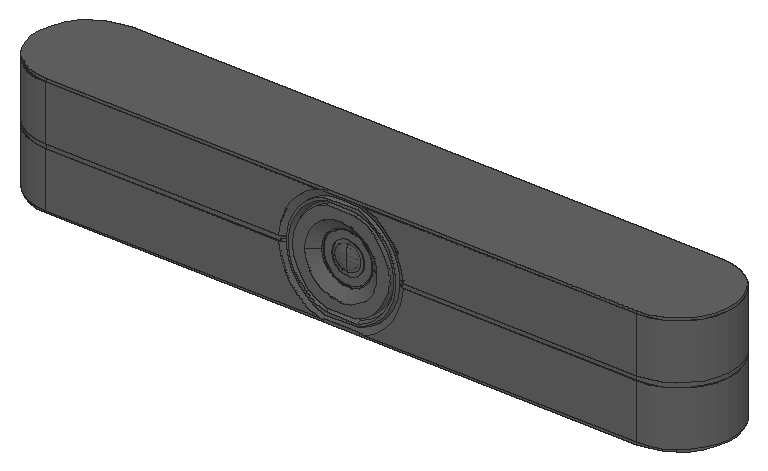
Revit family "Camera-Conference-Vaddio-Huddle_Shot", category Mechanical Equipment, Revit 2018
Family settings
  Round Connector Dimension = Use Diameter
  Classification = None
  Part Type = Normal
  OmniClass Number = 23.85.10.17.11
  OmniClass Title = Audio-Visual System Components
  Work Plane-Based = No
  Always vertical = Yes
  Cut with Voids When Loaded = No
  Shared = No
  Room Calculation Point = No
Parameters (values of type "Black, North America")
  Product Documentation Link = "https://res.cloudinary.com/avd/image/upload/v132204770/Resources/Vaddio/Cameras/Specifications/190246-DataSheet-HuddleSHOT.pdf"
  Part Number = Model  # "999-50707-000"
  Part Description = Description  # "Videoconferencing Camera with Integrated Audio"
  Has Wall Mount [instance] = no
  Unit Weight = 5.25 lbf
  URL = "https://www.legrandav.com/"
  Standards = "CE Approved, FCC Approved"
  Speaker Material = Plastic - Black - Vaddio
  Power Supply = "PoE+"
  Pixels = "2.12 Megapixel (2.42 Total MP)"
  Operating/Storage Humidity = "20% to 80% RH, non-condensing"
  Minimum Operating Temperature = 32 °F
  Maximum Operating Temperature = 104 °F
  Lens Casing Material = Plastic - Black - High Gloss - Vaddio
  Secondary Width = Overall Width - 13/256"  # 23 243/256"
  Secondary Depth = Overall Depth - 13/256"  # 3 83/128"
  Product Page URL = "https://www.legrandav.com/products/vaddio/cameras/fixed_cameras/huddleshot_all-in-one_conferencing_camera"
  Overall Width = 24"
  Overall Height = 4 31/256"
  Overall Depth = 3 179/256"
  Mount Thickness = 9/128"
  Model = "999-50707-000"
  Manufacturer = "Legrand"  # constant formula
  Huddle Shot Offset [instance] = if(Has Wall Mount, Mount Thickness, 0")  # 0"
  Field of View = "125° normal, 110° at full dewarp"
  Family Version = "1.0"  # constant formula
  Enclosure Material = Plastic - Black - Vaddio
  Edge Radius = Overall Depth / 2  # 1.84961"
  ENGworks URL = "https://ENGworks.com/"
  Description = "Videoconferencing Camera with Integrated Audio"
  Bracket Material = Plastic - Black - Vaddio
  Assembly Code = "D5030"
Types (7): name | Part Number | Speaker Material | Lens Casing Material | Model | Enclosure Material | Bracket Material
  (no name) | "999-50707-000" | Plastic - Black - Vaddio | Plastic - Black - High Gloss - Vaddio | "999-50707-000" | Plastic - Black - Vaddio | Plastic - Black - Vaddio
  Gray, North America | "999-50707-000G" | Plastic - Med Gray - Vaddio | Plastic - Dark Gray - Vaddio | "999-50707-000G" | Plastic - Gray - Vaddio | Plastic - Gray - Vaddio
  Black, North America | "999-50707-000" | Plastic - Black - Vaddio | Plastic - Black - High Gloss - Vaddio | "999-50707-000" | Plastic - Black - Vaddio | Plastic - Black - Vaddio
  Gray, Europe | "999-50707-001G" | Plastic - Med Gray - Vaddio | Plastic - Dark Gray - Vaddio | "999-50707-001G" | Plastic - Gray - Vaddio | Plastic - Gray - Vaddio
  Gray, Australia/New Zealand | "999-50707-009G" | Plastic - Med Gray - Vaddio | Plastic - Dark Gray - Vaddio | "999-50707-009G" | Plastic - Gray - Vaddio | Plastic - Gray - Vaddio
  Black, Europe | "999-50707-001" | Plastic - Black - Vaddio | Plastic - Black - High Gloss - Vaddio | "999-50707-001" | Plastic - Black - Vaddio | Plastic - Black - Vaddio
  Black, Australia/New Zealand | "999-50707-009" | Plastic - Black - Vaddio | Plastic - Black - High Gloss - Vaddio | "999-50707-009" | Plastic - Black - Vaddio | Plastic - Black - Vaddio
Reference planes (in)
  plane 1 "Center (Front/Back)": y = 0
  plane 2: z = 0
  plane 3 "Center (Left/Right)": x = 0
  plane 4: z = 4.12109
  plane 5: x = -12
  plane 6: x = 12
  plane 7: y = -3.69922
  plane 8: y = 0
  plane 9: y = -1.84961
  plane 10: z = 1.98
  plane 11: z = 0.084
  plane 12: z = 4.036
  plane 13: z = 2.14
  plane 14: z = 1.98
  plane 15: z = 0.084
  plane 16: y = -3.40522
  plane 17: y = -3.73047
  plane 18: z = 2.06055
  plane 19: z = 2.06055
  plane 20: z = 3.82409
  plane 21: z = 0.297
  plane 22: z = 2.06055
  plane 23: x = -1.847
  plane 24: x = 1.847
  plane 25: z = 3.78659
  plane 26: z = 3.86159
  plane 27: z = 3.67559
  plane 28: z = 3.97259
  plane 29: z = 3.82409
  plane 30: y = -3.19922
  plane 31: y = -3.40522
  plane 32: y = -3.40522
  plane 33: z = 3.63309
  plane 34: z = 0.488
  plane 35: x = -1.654
  plane 36: x = 1.654
  plane 37: z = 2.06055
  plane 38: z = 2.06055
  plane 39: z = 3.29855
  plane 40: y = -3.40522
  plane 41: y = -3.94922
  plane 42: z = 2.9123
  plane 43: y = -3.02686
  plane 44: z = 2.4123
  plane 45: y = -3.40522
  plane 46: z = 2.50555
  plane 47: y = -3.47872
  plane 48: y = -1.071
  plane 49: x = 4.763
  plane 50: x = 2.547
  plane 51: z = 4.036
  plane 52: x = 1.658
  plane 53: x = -3.592
  plane 54: x = -0.967
  plane 55: x = -3.967
  plane 56: x = 2.033
  plane 57: z = 3.87969
  plane 58: y = -3.97
  plane 59: z = -0.07031
  plane 60: z = 0.25
  plane 61: z = -0.25
  plane 62: y = -0.47
  plane 63: x = -3.402
  plane 64: x = 1.468
  plane 65: y = -3.97
  plane 66: x = -3.967
  plane 67: x = 2.033
  plane 68: y = 0.25
  plane 69: y = -0.25
  plane 70: z = 3.87969
  plane 71: z = 1.68969
  plane 72: z = -0.07031
  plane 73: z = 2.18969
  plane 74: z = 1.18969
  plane 75: x = -1.842
  plane 76: x = -0.092
  plane 77: x = -1.342
  plane 78: x = -0.592
  plane 79: y = -0.07031
  plane 80: x = -10.15039
  plane 81: x = 10.15039
  plane 82: x = -3.967
  plane 83: x = 2.033
  plane 84: y = -0.07031
  plane 85: y = 0.07031
Forms (in)
  Sweep 1, solid, material "Plastic - Black - Vaddio" <- "Enclosure Material"
    path origin (-51.56094, -1.84961, 17) x (-1, 0, 0) y (0, 0, 1)
      loop
        line (-51.56094, -14.86) -> (-51.56094, -15.02)
    profile "Profile-Vaddio_Huddle Shot : Profile-Vaddio_Huddle Secondary" origin (0, -1.84961, 2.06) x (-1, 0, 0) y (0, 1, 0)
      loop
        arc (-10.15039, 1.82422) -> (-11.97461, 0) -> (-10.15039, -1.82422) r 1.82422
        line (-10.15039, -1.82422) -> (10.15039, -1.82422)
        arc (10.15039, -1.82422) -> (11.97461, 0) -> (10.15039, 1.82422) r 1.82422
        line (10.15039, 1.82422) -> (-10.15039, 1.82422)
  Sweep 2, solid, material "Plastic - Black - Vaddio" <- "Speaker Material"
    path origin (-51.56094, -1.84961, 17) x (-1, 0, 0) y (0, 0, 1)
      loop
        line (-51.56094, -15.02) -> (-51.56094, -16.916)
    profile "Profile-Vaddio_Huddle Shot : Profile-Vaddio_Huddle Shot" origin (0, -1.84961, 1.032) x (-1, 0, 0) y (0, 1, 0)
      loop
        arc (-10.15039, 1.84961) -> (-12, 0) -> (-10.15039, -1.84961) r 1.84961
        line (-10.15039, -1.84961) -> (10.15039, -1.84961)
        arc (10.15039, -1.84961) -> (12, 0) -> (10.15039, 1.84961) r 1.84961
        line (10.15039, 1.84961) -> (-10.15039, 1.84961)
  Sweep 3, solid, material "Plastic - Black - Vaddio" <- "Speaker Material"
    path origin (-51.56094, -1.84961, 17) x (-1, 0, 0) y (0, 0, 1)
      loop
        line (-51.56094, -12.964) -> (-51.56094, -14.86)
    profile "Profile-Vaddio_Huddle Shot : Profile-Vaddio_Huddle Shot" origin (0, -1.84961, 3.088) x (-1, 0, 0) y (0, 1, 0)
      loop
        arc (-10.15039, 1.84961) -> (-12, 0) -> (-10.15039, -1.84961) r 1.84961
        line (-10.15039, -1.84961) -> (10.15039, -1.84961)
        arc (10.15039, -1.84961) -> (12, 0) -> (10.15039, 1.84961) r 1.84961
        line (10.15039, 1.84961) -> (-10.15039, 1.84961)
  SweptBlend 4, void
    path origin (0, 0, 0) x (1, 0, 0) y (0, 1, 0)
      loop
        line (0, -3.40522) -> (0, -3.73047)
    profile origin (0, -3.40522, 0) x (1, 0, 0) y (0, 0, 1)
      loop
        circle (0, 2.06055) r 1.469
    end profile origin (0, -3.73047, 0) x (1, 0, 0) y (0, 0, 1)
      loop
        circle (0, 2.06055) r 2.212
  Sweep 5, solid, material "Plastic - Black - High Gloss - Vaddio" <- "Lens Casing Material"
    path origin (0, 0, 0) x (1, 0, 0) y (0, 0, 1)
      loop
        arc (-0.54892, 3.82409) -> (-1.847, 2.06055) -> (-0.54892, 0.297) r 1.847
        line (-0.54892, 0.297) -> (0.54892, 0.297)
        arc (0.54892, 0.297) -> (1.847, 2.06055) -> (0.54892, 3.82409) r 1.847
        line (0.54892, 3.82409) -> (-0.54892, 3.82409)
    profile origin (0, 0, 3.82409) x (0, 0, 1) y (0, -1, 0)
      loop
        line (0.0375, 3.69922) -> (-0.0375, 3.69922) -> (-0.1485, 3.40522) -> (0.1485, 3.40522) -> (0.0375, 3.69922)
  Sweep 6, solid, material "Plastic - Black - High Gloss - Vaddio" <- "Lens Casing Material"
    path origin (0, 0, 0) x (1, 0, 0) y (0, 1, 0)
      loop
        line (0, -3.40522) -> (0, -3.69922)
    profile origin (0, -3.55222, 0) x (1, 0, 0) y (0, 0, 1)
      loop
        arc (-0.51265, 3.63309) -> (-1.654, 2.06055) -> (-0.51265, 0.488) r 1.654
        line (-0.51265, 0.488) -> (0.51265, 0.488)
        arc (0.51265, 0.488) -> (1.654, 2.06055) -> (0.51265, 3.63309) r 1.654
        line (0.51265, 3.63309) -> (-0.51265, 3.63309)
      loop
        circle (0, 2.06055) r 0.883
  Sweep 7, void
    path origin (0, 0, 0) x (1, 0, 0) y (0, 0, 1)
      loop
        circle (0, 2.06055) r 1.238
    profile origin (0, 0, 3.29855) x (0, 0, -1) y (0, -1, 0)
      loop
        line (0.88625, 3.02686) -> (0.88625, 3.94922) -> (0, 3.94922) -> (0, 3.69922) -> (0.38625, 3.40522) -> (0.38625, 3.02686) -> (0.88625, 3.02686)
  SweptBlend 8, solid, material "Plastic - Black - High Gloss - Vaddio" <- "Lens Casing Material"
    path origin (0, 0, 0) x (1, 0, 0) y (0, 1, 0)
      loop
        line (0, -3.02686) -> (0, -3.40522)
    profile origin (0, -3.02686, 0) x (1, 0, 0) y (0, 0, 1)
      loop
        circle (0, 2.06055) r 0.84
    end profile origin (0, -3.40522, 0) x (1, 0, 0) y (0, 0, 1)
      loop
        circle (0, 2.06055) r 0.83
  Sweep 9, void
    path origin (0, 0, 0) x (1, 0, 0) y (0, 1, 0)
      loop
        line (0, -3.02686) -> (0, -3.40522)
    profile origin (0, -3.21604, 0) x (1, 0, 0) y (0, 0, 1)
      loop
        circle (0, 2.06055) r 0.551
  Sweep 10, solid, material "Plastic - Black - Vaddio"
    path origin (0, 0, 0) x (1, 0, 0) y (0, 1, 0)
      loop
        line (0, -3.02686) -> (0, -3.40522)
    profile origin (0, -3.21604, 0) x (1, 0, 0) y (0, 0, 1)
      loop
        circle (0, 2.06055) r 0.551
      loop
        circle (0, 2.06055) r 0.445
  Revolve 11, solid, material "Glass"
    sketch origin (0, 0, 0) x (0, 1, 0) y (0, 0, 1)
      loop
        line (-3.47872, 2.06055) -> (-3.40522, 2.06055) -> (-3.40522, 2.50555)
        arc (-3.40522, 2.50555) -> (-3.46022, 2.28606) -> (-3.47872, 2.06055) r 1.38386
      axis (-3.47872, 2.06055) -> (-3.40522, 2.06055)
    angle from 0 to 360
  Sweep 12, solid, material "Plastic - Black - Vaddio" <- "Enclosure Material"
    path origin (-51.56094, -1.84961, 17) x (-1, 0, 0) y (0, 0, 1)
      loop
        line (-51.56094, -12.87891) -> (-51.56094, -12.964)
    profile "Profile-Vaddio_Huddle Shot : Profile-Vaddio_Huddle Secondary" origin (0, -1.84961, 4.07855) x (-1, 0, 0) y (0, 1, 0)
      loop
        arc (-10.15039, 1.82422) -> (-11.97461, 0) -> (-10.15039, -1.82422) r 1.82422
        line (-10.15039, -1.82422) -> (10.15039, -1.82422)
        arc (10.15039, -1.82422) -> (11.97461, 0) -> (10.15039, 1.82422) r 1.82422
        line (10.15039, 1.82422) -> (-10.15039, 1.82422)
  Sweep 13, solid, material "Plastic - Black - Vaddio" <- "Enclosure Material"
    path origin (-51.56094, -1.84961, 17) x (-1, 0, 0) y (0, 0, 1)
      loop
        line (-51.56094, -16.916) -> (-51.56094, -17)
    profile "Profile-Vaddio_Huddle Shot : Profile-Vaddio_Huddle Secondary" origin (0, -1.84961, 0.042) x (-1, 0, 0) y (0, 1, 0)
      loop
        arc (-10.15039, 1.82422) -> (-11.97461, 0) -> (-10.15039, -1.82422) r 1.82422
        line (-10.15039, -1.82422) -> (10.15039, -1.82422)
        arc (10.15039, -1.82422) -> (11.97461, 0) -> (10.15039, 1.82422) r 1.82422
        line (10.15039, 1.82422) -> (-10.15039, 1.82422)
  Sweep 14, void
    path origin (0, 0, 0) x (1, 0, 0) y (0, 1, 0)
      loop
        line (12, 0) -> (12, -1.071)
    profile origin (12, -0.5355, 0) x (1, 0, 0) y (0, 0, 1)
      loop
        line (-9.453, 4.036) -> (-9.453, 0) -> (-7.237, 0) -> (-7.237, 4.036) -> (-9.453, 4.036)
  Sweep 15, solid, material "Plastic - Black - Vaddio" <- "Bracket Material", visible <- "Has Wall Mount"
    path origin (0, 0, 0) x (1, 0, 0) y (0, 1, 0)
      loop
        line (2.033, 0) -> (-3.967, 0)
    profile origin (-0.967, 0, 0) x (0, -1, 0) y (0, 0, 1)
      loop
        line (3.97, -0.07031) -> (3.97, 0) -> (0.07031, 0) -> (0.07031, 3.87969) -> (0, 3.87969) -> (0, -0.07031) -> (3.97, -0.07031)
  Sweep 16, void
    path origin (0, 0, 0) x (1, 0, 0) y (0, 0, 1)
      loop
        line (0, 0.25) -> (0, -0.25)
    profile origin (0, 0, 0) x (0, -1, 0) y (1, 0, 0)
      loop
        line (0.47, -3.967) -> (3.97, -3.967) -> (3.97, -3.402) -> (0.47, -3.402) -> (0.47, -3.967)
      loop
        line (0.47, 2.033) -> (0.47, 1.468) -> (3.97, 1.468) -> (3.97, 2.033) -> (0.47, 2.033)
  Sweep 17, void
    path origin (0, 0, 0) x (1, 0, 0) y (0, 1, 0)
      loop
        line (-0.967, 0.25) -> (-0.967, -0.25)
    profile origin (-0.967, 0, 0) x (1, 0, 0) y (0, 0, 1)
      loop
        arc (-0.375, 2.18969) -> (-0.875, 1.68969) -> (-0.375, 1.18969) r 0.5
        line (-0.375, 1.18969) -> (0.375, 1.18969)
        arc (0.375, 1.18969) -> (0.875, 1.68969) -> (0.375, 2.18969) r 0.5
        line (0.375, 2.18969) -> (-0.375, 2.18969)
Cuts and joins
  SweptBlend 4, Sweep 7, Sweep 14 cuts Sweep 2
  SweptBlend 4, Sweep 7, Sweep 9, Sweep 14 cuts Sweep 1
  SweptBlend 4, Sweep 7, Sweep 14 cuts Sweep 3
  Sweep 7 cuts Sweep 6
  Sweep 9, Sweep 14 cuts SweptBlend 8
  Sweep 14 cuts Sweep 12
  Sweep 14 cuts Sweep 13
  Sweep 14 cuts Sweep 5
  Sweep 16, Sweep 17 cuts Sweep 15
Lines and regions (in)
  Masking region 1, detail levels fine
    outline origin (0, 0, 0) x (1, 0, 0) y (0, 1, 0)
      loop
        arc (-10.15039, 0) -> (-12, -1.84961) -> (-10.15039, -3.69922) r 1.84961
        line (-10.15039, -3.69922) -> (10.15039, -3.69922)
        arc (10.15039, -3.69922) -> (12, -1.84961) -> (10.15039, 0) r 1.84961
        line (10.15039, 0) -> (-10.15039, 0)
Dimensions and locks (in)
  equal spacing: plane 6, plane 3 "Center (Left/Right)", plane 5
  "Overall Width": plane 6 to plane 5
  "Overall Height": plane 4 to plane 2
  "Huddle Shot Offset": plane 8 to plane 1 "Center (Front/Back)"
  "Overall Depth": plane 8 to plane 7
  equal spacing: plane 8, plane 9, plane 7
  locked: plane 11 to plane 2 at 0.084
  locked: plane 10 to plane 11 at 1.896
  locked: plane 15 to plane 2 at 0.084
  locked: plane 14 to plane 15 at 1.896
  locked: plane 13 to plane 14 at 0.16
  locked: plane 12 to plane 13 at 1.896
  locked: plane 16 to plane 7 at 0.294
  locked: plane 7 to plane 17 at 0.03125
  equal spacing: plane 4, plane 18, plane 2
  locked: plane 3 "Center (Left/Right)" to SweptBlend 4 sketch curve at 0  (x2)
  locked: plane 18 to SweptBlend 4 sketch curve at 0
  equal spacing: plane 4, plane 19, plane 2
  locked: plane 19 to SweptBlend 4 sketch curve at 0
  equal spacing: plane 4, plane 22, plane 2
  locked: plane 4 to plane 20 at 0.297
  locked: plane 21 to plane 2 at 0.297
  equal spacing: plane 24, plane 3 "Center (Left/Right)", plane 23
  locked: plane 3 "Center (Left/Right)" to plane 23 at 1.847
  equal spacing: plane 26, plane 29, plane 25
  equal spacing: plane 28, plane 29, plane 27
  locked: plane 4 to plane 29 at 0.297
  locked: plane 29 to plane 25 at 0.0375
  locked: plane 29 to plane 27 at 0.1485
  locked: plane 30 to plane 7 at 0.5
  locked: plane 31 to plane 7 at 0.294
  locked: plane 32 to plane 7 at 0.294
  equal spacing: plane 4, plane 37, plane 2
  equal spacing: plane 36, plane 3 "Center (Left/Right)", plane 35
  locked: plane 3 "Center (Left/Right)" to plane 35 at 1.654
  locked: plane 34 to plane 2 at 0.488
  locked: plane 4 to plane 33 at 0.488
  equal spacing: plane 4, plane 38, plane 2
  locked: plane 40 to plane 7 at 0.294
  plane 40 to plane 7 = 0.294"
  locked: plane 7 to plane 41 at 0.25
  locked: plane 45 to plane 7 at 0.294
  locked: plane 47 to plane 7 at 0.2205
  locked: plane 43 to plane 7 at 0.67236
  locked: plane 8 to plane 48 at 1.071
  locked: plane 49 to plane 6 at 7.237
  locked: plane 49 to plane 50 at 2.216
  locked: plane 4 to plane 51 at 0.08509
  locked: plane 52 to cut or joined group of Sweep 3, SweptBlend 4, Sweep 7, Sweep 14 at 0.889
  locked: plane 53 to plane 52 at 5.25
  equal spacing: plane 53, plane 54, plane 52
  equal spacing: plane 55, plane 54, plane 56
  locked: plane 55 to plane 56 at 6
  "Mount Thickness": plane 2 to plane 59
  locked: plane 59 to plane 57 at 3.95
  locked: plane 1 "Center (Front/Back)" to plane 58 at 3.97
  equal spacing: plane 60, plane 2, plane 61
  locked: plane 2 to plane 61 at 0.25
  equal spacing: plane 63, plane 54, plane 64
  locked: plane 63 to plane 64 at 4.87
  locked: plane 65 to plane 1 "Center (Front/Back)" at 3.97
  locked: plane 62 to plane 65 at 3.5
  equal spacing: plane 66, plane 54, plane 67
  locked: plane 66 to plane 54 at 3
  equal spacing: plane 69, plane 1 "Center (Front/Back)", plane 68
  locked: plane 1 "Center (Front/Back)" to plane 68 at 0.25
  "Mount Thickness": plane 2 to plane 72
  locked: plane 70 to plane 72 at 3.95
  locked: plane 70 to plane 71 at 2.19
  equal spacing: plane 73, plane 71, plane 74
  locked: plane 73 to plane 74 at 1
  equal spacing: plane 76, plane 54, plane 75
  locked: plane 54 to plane 75 at 0.875
  equal spacing: plane 78, plane 54, plane 77
  locked: plane 77 to plane 75 at 0.5
  "Mount Thickness": plane 1 "Center (Front/Back)" to plane 79
  "Edge Radius": plane 5 to plane 80
  "Edge Radius": plane 81 to plane 6
  equal spacing: plane 82, plane 54, plane 83
  locked: plane 82 to plane 54 at 3
  "Mount Thickness": plane 85 to plane 8
  "Mount Thickness": plane 84 to plane 1 "Center (Front/Back)"
  radius of SweptBlend 4 sketch curve = 1.469"
  radius of SweptBlend 4 sketch curve = 2.212"
  aligned and locked: plane 2 to level
  aligned and locked: Sweep 1 sketch curve to plane 3 "Center (Left/Right)"
  aligned and locked: plane 11 to Sweep 2 sketch curve
  aligned and locked: plane 10 to Sweep 2 sketch curve
  aligned and locked: Sweep 2 sketch curve to plane 3 "Center (Left/Right)"
  aligned and locked: plane 12 to Sweep 3 sketch curve
  aligned and locked: plane 13 to Sweep 3 sketch curve
  aligned and locked: Sweep 3 sketch curve to plane 3 "Center (Left/Right)"
  aligned and locked: plane 16 to SweptBlend 4 sketch curve
  aligned and locked: plane 17 to SweptBlend 4 sketch curve
  aligned and locked: SweptBlend 4 sketch curve to plane 3 "Center (Left/Right)"
  aligned and locked: plane 26 to Sweep 5 sketch curve
  aligned and locked: plane 7 to Sweep 5 sketch curve  (x2)
  aligned and locked: plane 25 to Sweep 5 sketch curve
  aligned and locked: plane 31 to Sweep 5 sketch curve
  aligned and locked: plane 28 to Sweep 5 sketch curve
  aligned and locked: plane 27 to Sweep 5 sketch curve
  aligned and locked: Sweep 5 sketch curve to plane 31
  aligned and locked: plane 32 to Sweep 6 sketch curve
  aligned and locked: Sweep 6 sketch curve to plane 3 "Center (Left/Right)"
  aligned and locked: plane 7 to Sweep 6 sketch curve
  aligned and locked: plane 39 to Sweep 7 sketch curve  (x2)
  aligned and locked: plane 45 to Sweep 10 sketch curve
  aligned and locked: cut or joined group of Sweep 3, SweptBlend 4, Sweep 7, Sweep 14 to Sweep 10 sketch curve
  aligned and locked: Sweep 10 sketch curve to plane 3 "Center (Left/Right)"
  aligned and locked: cut or joined group of Sweep 2, SweptBlend 4, Sweep 7, Sweep 14 to Sweep 1 sketch curve
  aligned and locked: plane 38 to Revolve 11 sketch curve
  aligned and locked: Revolve 11 sketch curve to Sweep 5
  aligned and locked: plane 46 to Revolve 11 sketch curve
  aligned and locked: plane 48 to Sweep 14 sketch curve
  aligned and locked: plane 8 to Sweep 14 sketch curve
  aligned and locked: plane 6 to Sweep 14 sketch curve
  aligned and locked: Sweep 14 sketch curve to plane 49
  aligned and locked: plane 50 to Sweep 14 sketch curve
  aligned and locked: Sweep 14 sketch curve to plane 51
  aligned and locked: plane 2 to Sweep 14 sketch curve
  aligned and locked: plane 55 to Sweep 15 sketch curve
  aligned and locked: plane 56 to Sweep 15 sketch curve
  aligned and locked: Sweep 15 sketch curve to plane 1 "Center (Front/Back)"
  aligned and locked: Sweep 15 sketch curve to plane 2
  aligned and locked: Sweep 15 sketch curve to plane 58
  aligned and locked: Sweep 15 sketch curve to plane 57
  aligned and locked: plane 1 "Center (Front/Back)" to Sweep 15 sketch curve
  aligned and locked: Sweep 15 sketch curve to plane 59
  aligned and locked: Sweep 16 sketch curve to plane 3 "Center (Left/Right)"
  aligned and locked: plane 60 to Sweep 16 sketch curve
  aligned and locked: plane 61 to Sweep 16 sketch curve
  aligned and locked: plane 64 to Sweep 16 sketch curve
  aligned and locked: Sweep 16 sketch curve to plane 63
  aligned and locked: Sweep 16 sketch curve to plane 62
  aligned and locked: plane 62 to Sweep 16 sketch curve
  aligned and locked: Sweep 16 sketch curve to plane 67
  aligned and locked: Sweep 16 sketch curve to plane 65
  aligned and locked: plane 65 to Sweep 16 sketch curve
  aligned and locked: plane 66 to Sweep 16 sketch curve
  aligned and locked: plane 68 to Sweep 17 sketch curve
  aligned and locked: plane 69 to Sweep 17 sketch curve
  aligned and locked: Sweep 17 sketch curve to plane 54
  aligned and locked: Sweep 15 sketch curve to plane 79
  aligned and locked: plane 42 to Sweep 7 sketch curve
  aligned and locked: plane 7 to Sweep 7 sketch curve
  aligned and locked: Sweep 7 sketch curve to plane 41
  aligned and locked: plane 40 to Sweep 7 sketch curve
  aligned and locked: Sweep 7 sketch curve to plane 43
  aligned and locked: Sweep 7 sketch curve to plane 44
Automatic sketch dimensions
  Sweep 5 sketch curve to plane 20 = 0"
  Sweep 5 sketch curve to plane 3 "Center (Left/Right)" = 0"
  Sweep 5 sketch curve to plane 22 = 0"
  Sweep 5 sketch curve to plane 21 = 0"
  Sweep 5 sketch curve to Sweep 5 sketch curve = 0"  (x2)
  Sweep 5 sketch curve to plane 3 "Center (Left/Right)" = 0.54892"
  plane 3 "Center (Left/Right)" to Sweep 5 sketch curve = 0.54892"
  Sweep 7 sketch curve to plane 3 "Center (Left/Right)" = 0"
  Sweep 7 sketch curve to plane 38 = 0"
  Sweep 6 sketch curve to Sweep 6 sketch curve = 0"  (x6)
  Sweep 6 sketch curve to plane 34 = 0"
  Sweep 6 sketch curve to plane 33 = 0"
  profile plane to Sweep 6 sketch curve = 0"
  Sweep 6 sketch curve to plane 37 = 0"
  profile plane to Sweep 6 sketch curve = 0.51265"
  Sweep 6 sketch curve to profile plane = 0.51265"
  SweptBlend 8 sketch curve to plane 3 "Center (Left/Right)" = 0"
  plane 7 to SweptBlend 8 sketch curve = 0.294"
  SweptBlend 8 sketch curve to SweptBlend 8 sketch curve = 0.37836"
  profile plane to SweptBlend 8 sketch curve = 0"  (x2)
  level to SweptBlend 8 sketch curve = 2.06055"  (x2)
  Sweep 9 sketch curve to plane 3 "Center (Left/Right)" = 0"
  plane 7 to Sweep 9 sketch curve = 0.294"
  Sweep 9 sketch curve to Sweep 9 sketch curve = 0.37836"
  profile plane to Sweep 9 sketch curve = 0"
  level to Sweep 9 sketch curve = 2.06055"
  Sweep 10 sketch curve to Sweep 10 sketch curve = 0"  (x2)
  profile plane to Sweep 10 sketch curve = 0"
  level to Sweep 10 sketch curve = 2.06055"
  plane 38 to Sweep 1 sketch curve = 0.07945"
  Sweep 13 sketch curve to level = 0"
  Sweep 13 sketch curve to plane 3 "Center (Left/Right)" = 0"
  Sweep 13 sketch curve to Sweep 13 sketch curve = 0.084"
  Sweep 12 sketch curve to plane 3 "Center (Left/Right)" = 0"
  Sweep 12 sketch curve to plane 4 = 0"
  Sweep 12 sketch curve to plane 4 = 0.08509"
  Revolve 11 sketch curve to plane 47 = 0"
  Revolve 11 sketch curve to plane 38 = 0"
  Revolve 11 sketch curve to Revolve 11 sketch curve = 17/32"
  Revolve 11 sketch curve to Revolve 11 sketch curve = 0.13765"
  Sweep 17 sketch curve to plane 77 = 0"
  Sweep 17 sketch curve to plane 71 = 0"
  plane 78 to Sweep 17 sketch curve = 0"
  Sweep 17 sketch curve to plane 74 = 0"
  radius of Sweep 7 sketch curve = 1.238"
  radius of Sweep 6 sketch curve = 0.883"
  radius of SweptBlend 8 sketch curve = 0.84"
  radius of SweptBlend 8 sketch curve = 0.83"
  radius of Sweep 9 sketch curve = 0.551"
  radius of Sweep 10 sketch curve = 0.551"
  radius of Sweep 10 sketch curve = 0.445"
